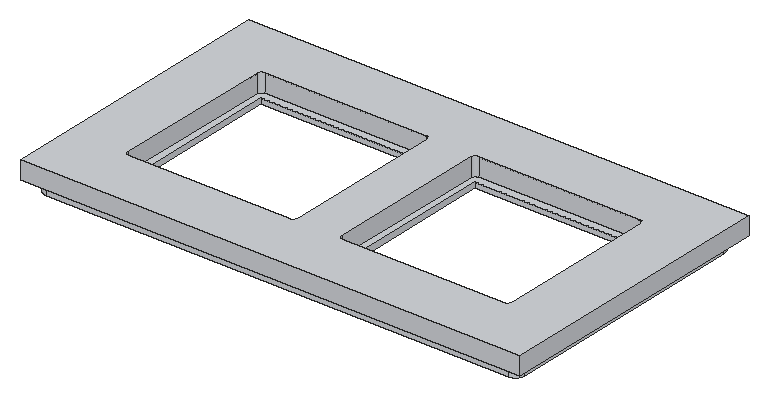
Revit family "Gira_021212", category Electrical Fixtures, host Face, Revit 2017
Family settings
  Host = Face
  Maintain Annotation Orientation = No
  Round Connector Dimension = Use Diameter
  Part Type = Normal
  Cut with Voids When Loaded = No
  Shared = No
  Room Calculation Point = No
Parameters (values of type "Abdeckrahmen 2f Gira Esprit G Weiß")
  Werkstoffgüte = "Echtglas"
  Werkstoff = "Glas"
  URL = "http://katalog.gira.de/de_DE/datenblatt.html?artikelnr=021212"
  Transparent = "Yes"
  Textfeld/Beschriftungsfläche = "No"
  Schutzart (IP) = "IP20"
  Region = "DE"
  Oberfläche = "sonstige"
  Name = "Abdeckrahmen 2f Gira Esprit G Weiß"
  Montagerichtung = "horizontal und vertikal"
  Mit Montagerahmen = "No"
  Mit Klappdeckel = "No"
  Manufacturer URL = "https://www.gira.de/"
  Keynote = "Espr._Rahmen_2fach"
  HeinzeBIM = "https://bimportal.heinze.de/bim/abdeckrahmen-2f-gira-esprit-g-weiss/ec83b37adb3500a897bca91e895c33311366a3b9"
  Halogenfrei = "No"
  HAN = "021212"
  Geeignet für Unterputz-Installation = "Yes"
  Geeignet für Unterflurkanaldose = "No"
  Geeignet für Geräteeinbaukanal = "No"
  Geeignet für Einbauinstallation = "No"
  GTIN = "4010337212126"
  Farbe = "weiß"
  Default Elevation = 1219.2 mm
  Data sheet (1) = "https://katalog.gira.de/de_DE/download.html?artikelnr=021212"
  Category = "Abdeckrahmen"
  Befestigungsart = "Klemmbefestigung"
  Available = "Yes"
  Anzahl der Einheiten vertikal = "2 "
  Anzahl der Einheiten horizontal = "2 "
  Anzahl der Einheiten = "2 "
Reference planes
  plane 1 "Center (Front/Back)": y = 0
  plane 2: z = 0
  plane 3 "Center (Left/Right)": x = 0
Forms (mm)
  Extrusion 1, solid, detail levels fine
    sketch origin (0, 0, 0) x (1, 0, 0) y (0, 1, 0)
      loop
        line (-83, 47.5) -> (-83, -47.5) -> (83, -47.5) -> (83, 47.5) -> (-83, 47.5)
      loop
        arc (-63.75, -26.7) -> (-63.311, -27.761) -> (-62.25, -28.2) r 1.5
        line (-62.25, -28.2) -> (-8.85, -28.2)
        arc (-8.85, -28.2) -> (-7.789, -27.761) -> (-7.35, -26.7) r 1.5
        line (-7.35, -26.7) -> (-7.35, 26.7)
        arc (-7.35, 26.7) -> (-7.789, 27.761) -> (-8.85, 28.2) r 1.5
        line (-8.85, 28.2) -> (-62.25, 28.2)
        arc (-62.25, 28.2) -> (-63.311, 27.761) -> (-63.75, 26.7) r 1.5
        line (-63.75, 26.7) -> (-63.75, -26.7)
      loop
        line (63.75, -26.7) -> (63.75, 26.7)
        arc (63.75, 26.7) -> (63.311, 27.761) -> (62.25, 28.2) r 1.5
        line (62.25, 28.2) -> (8.85, 28.2)
        arc (8.85, 28.2) -> (7.789, 27.761) -> (7.35, 26.7) r 1.5
        line (7.35, 26.7) -> (7.35, -26.7)
        arc (7.35, -26.7) -> (7.789, -27.761) -> (8.85, -28.2) r 1.5
        line (8.85, -28.2) -> (62.25, -28.2)
        arc (62.25, -28.2) -> (63.311, -27.761) -> (63.75, -26.7) r 1.5
    from 0 to 6
  Extrusion 2, solid, detail levels fine
    sketch origin (0, 0, 0) x (1, 0, 0) y (0, 1, 0)
      loop
        line (-61.45, -25.7) -> (-9.65, -25.7) -> (-9.65, 25.7) -> (-61.45, 25.7) -> (-61.45, -25.7)
      loop
        line (61.45, 25.7) -> (9.65, 25.7) -> (9.65, -25.7) -> (61.45, -25.7) -> (61.45, 25.7)
      loop
        arc (-78.454, -41.3) -> (-77.927, -42.573) -> (-76.654, -43.1) r 1.8
        line (-76.654, -43.1) -> (76.654, -43.1)
        arc (76.654, -43.1) -> (77.927, -42.573) -> (78.454, -41.3) r 1.8
        line (78.454, -41.3) -> (78.454, 41.3)
        arc (78.454, 41.3) -> (77.927, 42.573) -> (76.654, 43.1) r 1.8
        line (76.654, 43.1) -> (-76.654, 43.1)
        arc (-76.654, 43.1) -> (-77.927, 42.573) -> (-78.454, 41.3) r 1.8
        line (-78.454, 41.3) -> (-78.454, -41.3)
    from -1.9 to 0
  Extrusion 3, solid, detail levels fine
    sketch origin (0, 0, 0) x (1, 0, 0) y (0, 1, 0)
      loop
        arc (-76.75, 44.4) -> (-78.871, 43.521) -> (-79.75, 41.4) r 3
        line (-79.75, 41.4) -> (-79.75, -41.4)
        arc (-79.75, -41.4) -> (-78.871, -43.521) -> (-76.75, -44.4) r 3
        line (-76.75, -44.4) -> (76.75, -44.4)
        arc (76.75, -44.4) -> (78.871, -43.521) -> (79.75, -41.4) r 3
        line (79.75, -41.4) -> (79.75, 41.4)
        arc (79.75, 41.4) -> (78.871, 43.521) -> (76.75, 44.4) r 3
        line (76.75, 44.4) -> (-76.75, 44.4)
      loop
        arc (-78.55, -41.4) -> (-78.023, -42.673) -> (-76.75, -43.2) r 1.8
        line (-76.75, -43.2) -> (76.75, -43.2)
        arc (76.75, -43.2) -> (78.023, -42.673) -> (78.55, -41.4) r 1.8
        line (78.55, -41.4) -> (78.55, 41.4)
        arc (78.55, 41.4) -> (78.023, 42.673) -> (76.75, 43.2) r 1.8
        line (76.75, 43.2) -> (-76.75, 43.2)
        arc (-76.75, 43.2) -> (-78.023, 42.673) -> (-78.55, 41.4) r 1.8
        line (-78.55, 41.4) -> (-78.55, -41.4)
    from -3.7 to 0
  Extrusion 4, solid, detail levels medium
    sketch origin (0, 0, 0) x (1, 0, 0) y (0, 1, 0)
      loop
        line (-83, 47.5) -> (-83, -47.5) -> (83, -47.5) -> (83, 47.5) -> (-83, 47.5)
    from 0 to 6
  Extrusion 5, solid, detail levels medium
    sketch origin (0, 0, 0) x (1, 0, 0) y (0, 1, 0)
      loop
        line (-79.75, 44.4) -> (-79.75, -44.4) -> (79.75, -44.4) -> (79.75, 44.4) -> (-79.75, 44.4)
    from -3.7 to 0
  Extrusion 6, solid, detail levels coarse
    sketch origin (0, 0, 0) x (1, 0, 0) y (0, 1, 0)
      loop
        line (-83, 47.5) -> (-83, -47.5) -> (83, -47.5) -> (83, 47.5) -> (-83, 47.5)
    from -3.7 to 6
Dimensions and locks
  aligned and locked: plane 2 to host face
  aligned and locked: level to host face
